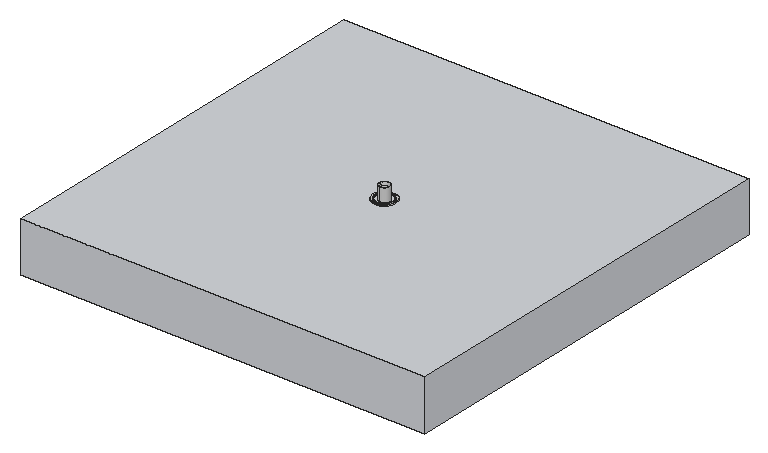
Revit family "LAMP_HANCE DOWNLIGHT SEMIRECESSED SPOT 1000_2000 (DALI)", category Modelos genéricos, Revit 2015
Parameters (values of type "710LM 4000K 1000 BLACK")
  Weight = 0.79 kg
  Aro 3000/4000 = no
  Aro 1000/2000 = yes
  Type = "COB PHILIPS"
  Tilting [instance] = if(Tilt < 0.00°, 180.00°, if(Tilt > 85.00°, 265.00°, Tilt + 180.00°))  # 180.00°
  Tilt [instance] = 0.00°
  Recessed diameter = 132 mm
  Protection rating = "IP20"
  Product datasheet = "http://www.lamp.es/product-files/TECH/HD1SR10SP840DBB-EN.pdf"
  Product code = "HD1SR10SP840DBB"
  Product URL = "https://www.lamp.es/en/family/hance-downlight_196363"
  Power Supply = "220-240V 50/60Hz"
  Power = 7 W
  Plum = 7.6 W
  Photometric web file = Cuerpo Hance BASE (tilting)_SP : 710LM 4000K 1000 BLACK
  Modelo = Product code  # "HD1SR10SP840DBB"
  Model explanation = "Availability of tilting between 0º and 85º when placed in a project."
  Material interior aro = LAMP_Aluminio Hance Negro
  Material aro = LAMP_Aluminio Hance Negro
  Manufacturer name = "LAMP"
  Manufacturer country = "Spain"
  Manufacturer URL = "http://www.lamp.es/en"
  MacAdam = "3"
  Luminaire type = "Indoor - Recessed downlight"
  Last update = "22/11/2019"
  Lamp = "COB LED"
  LED Lifetime = "50.000 L80 B10"
  Insulation class = "II"
  Installation instructions = "https://www.lamp.es/product-files/INS/1004410-B-INSTR.%20DE%20MONTAJE%20HANCE%20DOWNLIGHT.pdf"
  Initial intensity = 710 lm
  Initial color = 4000 K
  IEE = "A+"
  Gear = "Adjustable DALI"
  Finish = "Texturised white RAL 9010"
  Fabricante = Manufacturer name  # "LAMP"
  Default Elevation = 1219.2 mm
  Efficacy = 93.42 lm/W
  Radio aro exterior = 35.7 mm
  Diameter = 143 mm
  Descripción = "HANCE DOWN SEMIREC 1000 NW SP DALI BK."
  Decorative ring [instance] = Aro decorativo (tilting) : Black
  Comentarios de tipo = Model explanation  # "Availability of tilting between 0º and 85º when placed in a project."
  CRI = "80"
Types (8, lengths in mm): name | Product datasheet | Product code | Power | Plum | Photometric web file | Modelo | Material aro | Initial intensity | Initial color | IEE | Finish | Efficacy | Descripción
  710LM 4000K 1000 BLACK | "http://www.lamp.es/product-files/TECH/HD1SR10SP840DBB-EN.pdf" | "HD1SR10SP840DBB" | 7 W | 7.6 W | Cuerpo Hance BASE (tilting)_SP : 710LM 4000K 1000 BLACK | "HD1SR10SP840DBB" | LAMP_Aluminio Hance Negro | 710 lm | 4000 K | "A+" | "Texturised white RAL 9010" | 93.42 lm/W | "HANCE DOWN SEMIREC 1000 NW SP DALI BK."
  710LM 4000K 1000 WHITE | "http://www.lamp.es/product-files/TECH/HD1SR10SP840DBW-EN.pdf" | "HD1SR10SP840DBW" | 7 W | 7.6 W | Cuerpo Hance BASE (tilting)_SP : 710LM 4000K 1000 WHITE | "HD1SR10SP840DBW" | LAMP_Aluminio Hance Blanco | 710 lm | 4000 K | "A+" | "Texturised black RAL 9011" | 93.42 lm/W | "HANCE DOWN SEMIREC 1000 NW SP DALI WH."
  773LM 3000K 1000 BLACK | "http://www.lamp.es/product-files/TECH/HD1SR10SP830DBB-EN.pdf" | "HD1SR10SP830DBB" | 7 W | 7.7 W | Cuerpo Hance BASE (tilting)_SP : 773LM 3000K 1000 BLACK | "HD1SR10SP830DBB" | LAMP_Aluminio Hance Negro | 773 lm | 3000 K | "A+" | "Texturised white RAL 9010" | 100.42 lm/W | "HANCE DOWN SEMIREC 1000 WW SP DALI BK."
  773LM 3000K 1000 WHITE | "http://www.lamp.es/product-files/TECH/HD1SR10SP830DBW-EN.pdf" | "HD1SR10SP830DBW" | 7 W | 7.7 W | Cuerpo Hance BASE (tilting)_SP : 773LM 3000K 1000 WHITE | "HD1SR10SP830DBW" | LAMP_Aluminio Hance Blanco | 773 lm | 3000 K | "A+" | "Texturised black RAL 9011" | 100.42 lm/W | "HANCE DOWN SEMIREC 1000 WW SP DALI WH."
  1644LM 4000K 2000 BLACK | "http://www.lamp.es/product-files/TECH/HD1SR20SP840DBB-EN.pdf" | "HD1SR20SP840DBB" | 18 W | 20.6 W | Cuerpo Hance BASE (tilting)_SP : 1644LM 4000K 2000 BLACK | "HD1SR20SP840DBB" | LAMP_Aluminio Hance Negro | 1644 lm | 4000 K | "A+" | "Texturised black RAL 9011" | 79.81 lm/W | "HANCE DOWN SEMIREC 2000 NW SP DALI BK."
  1644LM 4000K 2000 WHITE | "http://www.lamp.es/product-files/TECH/HD1SR20SP840DBW-EN.pdf" | "HD1SR20SP840DBW" | 18 W | 20.6 W | Cuerpo Hance BASE (tilting)_SP : 1644LM 4000K 2000 WHITE | "HD1SR20SP840DBW" | LAMP_Aluminio Hance Blanco | 1644 lm | 4000 K | "A+" | "Texturised white RAL 9010" | 79.81 lm/W | "HANCE DOWN SEMIREC 2000 NW SP DALI WH."
  1707LM 3000K 2000 BLACK | "http://www.lamp.es/product-files/TECH/HD1SR20SP830DBB-EN.pdf" | "HD1SR20SP830DBB" | 18 W | 20.7 W | Cuerpo Hance BASE (tilting)_SP : 1707LM 3000K 2000 BLACK | "HD1SR20SP830DBB" | LAMP_Aluminio Hance Negro | 1707 lm | 3000 K | "A" | "Texturised black RAL 9011" | 82.46 lm/W | "HANCE DOWN SEMIREC 2000 WW SP DALI BK."
  1707LM 3000K 2000 WHITE | "http://www.lamp.es/product-files/TECH/HD1SR20SP830DBW-EN.pdf" | "HD1SR20SP830DBW" | 18 W | 20.7 W | Cuerpo Hance BASE (tilting)_SP : 1707LM 3000K 2000 WHITE | "HD1SR20SP830DBW" | LAMP_Aluminio Hance Blanco | 1707 lm | 3000 K | "A" | "Texturised white RAL 9010" | 82.46 lm/W | "HANCE DOWN SEMIREC 2000 WW SP DALI WH."
Reference planes
  plane 1 "Centro (Frontal/Posterior)": y = 0
  plane 2: z = 0
  plane 3 "Centro (Izquierda/Derecha)": x = 0
Forms (mm)
  Extrusion 1, solid
    sketch origin (0, 0, 0) x (1, 0, 0) y (0, 1, 0)
      loop
        line (-1219.2, 1219.2) -> (-1219.2, -1219.2) -> (1219.2, -1219.2) -> (1219.2, 1219.2) -> (-1219.2, 1219.2)
    from 0 to -304.8
  Revolve 2, solid, material "LAMP_Aluminio Hance Negro" <- "Material aro"
    sketch origin (0, 0, 0) x (1, 0, 0) y (0, 0, 1)
      loop
        line (68.2, 0) -> (68.2, 1) -> (53.3, 1) -> (53.3, -38.896) -> (61.3, -38.896) -> (61.3, -37.896) -> (55.8, -37.896) -> (55.8, 0) -> (68.2, 0)
      axis (0, 1) -> (0, -38.896)
    angle from 0 to 360
  Revolve 3, solid, material "LAMP_Aluminio Hance Negro" <- "Material interior aro", visible <- "Aro 1000/2000"
    sketch origin (0, 0, 0) x (1, 0, 0) y (0, 0, 1)
      loop
        arc (51.874, -0.646) -> (51.598, -1.016) -> (51.498, -1.466) r 1.1
        arc (51.498, -1.466) -> (49.354, -17.889) -> (43.277, -33.297) r 67.535
        arc (43.277, -33.297) -> (42.922, -33.665) -> (42.43, -33.8) r 0.965
        line (42.43, -33.8) -> (0, -33.8) -> (0, -34.8) -> (42.43, -34.8)
        arc (42.43, -34.8) -> (42.922, -34.665) -> (43.277, -34.297) r 0.965
        arc (43.277, -34.297) -> (49.354, -18.889) -> (51.498, -2.466) r 67.535
        arc (51.498, -2.466) -> (51.598, -2.016) -> (51.874, -1.646) r 1.1
        arc (51.874, -1.646) -> (53.912, -0.425) -> (56.25, 0) r 6.641
        line (56.25, 0) -> (56.25, 1)
        arc (56.25, 1) -> (53.912, 0.575) -> (51.874, -0.646) r 6.641
      axis (0, 1) -> (0, -34.8)
    angle from 0 to 360
  Extrusion 4, void
    sketch origin (0, 0, 0) x (1, 0, 0) y (0, 1, 0)
      loop
        line (7.1, 33.5) -> (-7.105, 33.5)
        arc (-7.105, 33.5) -> (-40.605, 0) -> (-7.105, -33.5) r 33.5
        line (-7.105, -33.5) -> (7.1, -33.5)
        arc (7.1, -33.5) -> (40.6, 0) -> (7.1, 33.5) r 33.5
    from -41.216 to -28.478
Cuts and joins
  Extrusion 4 cuts Revolve 3
Text (mm)
  text "Any modification of the parameters and properties of the LAMP BIM models must be executed and validated by the LAMP technical department.\n\nPhone: +34 93 736 68 00\n\nE-mail: lamp@lamp.es\n\n\n\nLAMP reserves the right to modify the technical specifications of its products." at (39771.841, -40794.867, 40621.237), in view "Preview"
Dimensions and locks
  aligned and locked: plane 2 to Extrusion 1
  aligned and locked: level to Extrusion 1
Nested families
  nested 1: "Cuerpo Hance BASE (tilting)_SP" at (0, 1.967, 37.05), type <- "Photometric web file", type "710LM 4000K 1000 BLACK"
    with Tilting 180.00°
  nested 2: "Aro decorativo (tilting)" at (-27.9, 0, -17.52), type <- "Decorative ring", type "Black"
    with Tilting 0.00°
Connectors
  electrical at (-16.363, 0, -25.538)
    settings: on nested 1, index 1, voltage 230 V, apparent load 0 VA, apparent load phase1 0 VA, apparent load phase2 0 VA, apparent load phase3 0 VA, power factor 1, load classification "Otro", number of poles 1, system type 31, power factor state 1, is connector primary yes, connector utility no, sub classification motor no, connector description ""
Definition of nested family "Cuerpo Hance BASE (tilting)_SP"
  Parameters (values of type "710LM 4000K 1000 BLACK")
    Tilting = 90.00°
    Photometric web file = Cuerpo Hance BASE_SP : 710LM 4000K 1000 BLACK
    Longitud cuerpo = 100 mm
    Default Elevation = 1219.2 mm
  Types (17, lengths in mm): name | Photometric web file | Longitud cuerpo
    (no name) | Cuerpo Hance BASE_SP : 710LM 4000K 1000 BLACK | 100
    710LM 4000K 1000 BLACK | Cuerpo Hance BASE_SP : 710LM 4000K 1000 BLACK | 100
    710LM 4000K 1000 WHITE | Cuerpo Hance BASE_SP : 710LM 4000K 1000 WHITE | 100
    773LM 3000K 1000 BLACK | Cuerpo Hance BASE_SP : 773LM 3000K 1000 BLACK | 100
    773LM 3000K 1000 WHITE | Cuerpo Hance BASE_SP : 773LM 3000K 1000 WHITE | 100
    1644LM 4000K 2000 BLACK | Cuerpo Hance BASE_SP : 1644LM 4000K 2000 BLACK | 100
    1644LM 4000K 2000 WHITE | Cuerpo Hance BASE_SP : 1644LM 4000K 2000 WHITE | 100
    1707LM 3000K 2000 BLACK | Cuerpo Hance BASE_SP : 1707LM 3000K 2000 BLACK | 100
    1707LM 3000K 2000 WHITE | Cuerpo Hance BASE_SP : 1707LM 3000K 2000 WHITE | 100
    2656LM 4000K 3000 BLACK | Cuerpo Hance BASE_SP : 2656LM 4000K 3000 BLACK | 145
    2656LM 4000K 3000 WHITE | Cuerpo Hance BASE_SP : 2656LM 4000K 3000 WHITE | 145
    2788LM 3000K 3000 BLACK | Cuerpo Hance BASE_SP : 2788LM 3000K 3000 BLACK | 145
    2788LM 3000K 3000 WHITE | Cuerpo Hance BASE_SP : 2788LM 3000K 3000 WHITE | 145
    3518LM 4000K 4000 BLACK | Cuerpo Hance BASE_SP : 3518LM 4000K 4000 BLACK | 145
    3518LM 4000K 4000 WHITE | Cuerpo Hance BASE_SP : 3518LM 4000K 4000 WHITE | 145
    3660LM 3000K 4000 BLACK | Cuerpo Hance BASE_SP : 3660LM 3000K 4000 BLACK | 145
    3660LM 3000K 4000 WHITE | Cuerpo Hance BASE_SP : 3660LM 3000K 4000 WHITE | 145
  Reference planes
    plane 1 "Centro (Frontal/Posterior)": y = 0
    plane 2: z = 0
    plane 3 "Centro (Izquierda/Derecha)": x = 0
  Lines and regions (mm)
    reference lines
      curve 1: line (0, 0, 0) -> (200, 0, 0)
  Dimensions and locks
    "Tilting": angle plane 3 "Centro (Izquierda/Derecha)" to curve 1
    aligned and locked: level to plane 2
    aligned and locked: plane 3 "Centro (Izquierda/Derecha)" to curve 1
    aligned and locked: plane 2 to curve 1
  Nested families
    nested 1: "Cuerpo Hance BASE_SP" at (-21.588, -1.967, 27.875), type <- "Photometric web file", type "710LM 4000K 1000 BLACK"
  Definition of nested family "Cuerpo Hance BASE_SP"
    Parameters (values of type "710LM 4000K 1000 BLACK")
      Tilt Angle = 90.00° + Tilting  # 180.00°
      Wattage = 7.6 W
      Tilting = 90.00°
      built-in parameter 1150107 = 4000 (stored number, unit not read)
      Radio vacio posterior = Radio cuerpo - 2.2 mm  # 30.3 mm
      Radio vaciado = Radio cuerpo - 1.5 mm  # 31 mm
      Radio cuerpo = if(Longitud cuerpo = 145 mm, 45 mm, 32.5 mm)  # 32.5 mm
      built-in parameter 1150110 = 1 (stored number, unit not read)
      built-in parameter 1150109 = 1 (stored number, unit not read)
      built-in parameter 1150112 = 1 (stored number, unit not read)
      built-in parameter 1150113 = 1 (stored number, unit not read)
      built-in parameter 1114218 = 1 (stored number, unit not read)
      built-in parameter 1150137 = (empty or 0)
      built-in parameter 1150132 = 2
      Material reflector = none
      Material cuerpo = none
      Material COB = none
      Longitud cuerpo = 100 mm
      Long. origen luz = if(Longitud cuerpo = 100 mm, 20 mm, if(Longitud cuerpo = 170 mm, 55 mm, 90 mm))  # 20 mm
      L_3 = if(Ancho disipador posterior = 80.4 mm, 39.6 mm, 12 mm)  # 12 mm
      L_2 = if(Ancho disipador posterior = 80.4 mm, 36.3 mm, 22.6 mm)  # 22.6 mm
      L_1 = if(Ancho disipador posterior = 80.4 mm, 36.8 mm, 25.4 mm)  # 25.4 mm
      built-in parameter 1150105 = 56.487 (stored number, unit not read)
      built-in parameter 1150102 = (empty or 0)
      built-in parameter 1150106 = 0.56487 (stored number, unit not read)
      Lumens = 709.84 lm
      Color Filter = 16777215
      built-in parameter 1114217 = 1 (stored number, unit not read)
      built-in parameter 1150139 = (empty or 0)
      Default Elevation = 1219.2 mm
      built-in parameter 1150104 = 8.6771 (stored number, unit not read)
      Diametro aro = if(Radio cuerpo = 45 mm, 42.9 mm, 30.4 mm)  # 30.4 mm
      built-in parameter 1150115 = 1 (stored number, unit not read)
      built-in parameter 1150114 = 1 (stored number, unit not read)
      built-in parameter 1150138 = (empty or 0)
      built-in parameter 1150134 = 12
      Dimming Lamp Color Temperature Shift = (empty or 0)
      Photometric Web File = "HD1RE10SP840NBB.IES"
      Ancho vaciado reflector = if(Radio cuerpo = 45 mm, 34.4 mm, 21.9 mm)  # 21.9 mm
      Ancho reflector = if(Radio cuerpo = 45 mm, 35.4 mm, 22.9 mm)  # 22.9 mm
      Ancho disipador posterior = if(Radio cuerpo = 32.5 mm, 53 mm, 80.4 mm)  # 53 mm
      built-in parameter 1150133 = 10 (stored number, unit not read)
      Altura disipador superior = if(Radio cuerpo = 45 mm, 23.9 mm, 36.9 mm)  # 36.9 mm
      Ancho disipador superior = if(Radio cuerpo = 45 mm, 28 mm, 22.6 mm)  # 22.6 mm
    Types (16, lengths in mm): name | Wattage | built-in parameter 1150107 | Radio vacio posterior | Radio vaciado | Radio cuerpo | Longitud cuerpo | Long. origen luz | L_3 | L_2 | L_1 | built-in parameter 1150105 | built-in parameter 1150106 | Lumens | built-in parameter 1150104 | Diametro aro | built-in parameter 1150134 | Photometric Web File | Ancho vaciado reflector | Ancho reflector | Ancho disipador posterior | Altura disipador superior | Ancho disipador superior
      710LM 4000K 1000 BLACK | 7.6 W | 4000 (stored number, unit not read) | 30.3 | 31 | 32.5 | 100 | 20 | 12 | 22.6 | 25.4 | 56.487 (stored number, unit not read) | 0.56487 (stored number, unit not read) | 709.84 lm | 8.6771 (stored number, unit not read) | 30.4 | 12 | "HD1RE10SP840NBB.IES" | 21.9 | 22.9 | 53 | 36.9 | 22.6
      710LM 4000K 1000 WHITE | 7.6 W | 4000 (stored number, unit not read) | 30.3 | 31 | 32.5 | 100 | 20 | 12 | 22.6 | 25.4 | 4052.9 (stored number, unit not read) | 40.529 (stored number, unit not read) | 709.84 lm | 8.6771 (stored number, unit not read) | 30.4 | 12 | "HD1RE10SP840NBW.IES" | 21.9 | 22.9 | 53 | 36.9 | 22.6
      773LM 3000K 1000 BLACK | 7.7 W | 3000 (stored number, unit not read) | 30.3 | 31 | 32.5 | 100 | 20 | 12 | 22.6 | 25.4 | 4414.8 (stored number, unit not read) | 44.148 (stored number, unit not read) | 773.234 lm | 9.3293 (stored number, unit not read) | 30.4 | (empty or 0) | "HD1RE10SP830NBB.IES" | 21.9 | 22.9 | 53 | 36.9 | 22.6
      773LM 3000K 1000 WHITE | 7.7 W | 3000 (stored number, unit not read) | 30.3 | 31 | 32.5 | 100 | 20 | 12 | 22.6 | 25.4 | 4414.8 (stored number, unit not read) | 44.148 (stored number, unit not read) | 773.234 lm | 9.3293 (stored number, unit not read) | 30.4 | (empty or 0) | "HD1RE10SP830NBW.IES" | 21.9 | 22.9 | 53 | 36.9 | 22.6
      1644LM 4000K 2000 BLACK | 20.6 W | 4000 (stored number, unit not read) | 30.3 | 31 | 32.5 | 100 | 20 | 12 | 22.6 | 25.4 | 9386.9 (stored number, unit not read) | 93.869 (stored number, unit not read) | 1644.09 lm | 7.4146 (stored number, unit not read) | 30.4 | 12 | "HD1RE20SP840NBB.IES" | 21.9 | 22.9 | 53 | 36.9 | 22.6
      1644LM 4000K 2000 WHITE | 20.6 W | 4000 (stored number, unit not read) | 30.3 | 31 | 32.5 | 100 | 20 | 12 | 22.6 | 25.4 | 9386.9 (stored number, unit not read) | 93.869 (stored number, unit not read) | 1644.09 lm | 7.4146 (stored number, unit not read) | 30.4 | 12 | "HD1RE20SP840NBW.IES" | 21.9 | 22.9 | 53 | 36.9 | 22.6
      1707LM 3000K 2000 BLACK | 20.7 W | 3000 (stored number, unit not read) | 30.3 | 31 | 32.5 | 100 | 20 | 12 | 22.6 | 25.4 | 9500.4 (stored number, unit not read) | 95.004 (stored number, unit not read) | 1706.92 lm | 7.6608 (stored number, unit not read) | 30.4 | (empty or 0) | "HD1RE20SP830NBB.IES" | 21.9 | 22.9 | 53 | 36.9 | 22.6
      1707LM 3000K 2000 WHITE | 20.7 W | 3000 (stored number, unit not read) | 30.3 | 31 | 32.5 | 100 | 20 | 12 | 22.6 | 25.4 | 9500.4 (stored number, unit not read) | 95.004 (stored number, unit not read) | 1706.92 lm | 7.6608 (stored number, unit not read) | 30.4 | (empty or 0) | "HD1RE20SP830NBW.IES" | 21.9 | 22.9 | 53 | 36.9 | 22.6
      2656LM 4000K 3000 BLACK | 27.8 W | 4000 (stored number, unit not read) | 42.8 | 43.5 | 45 | 145 | 90 | 39.6 | 36.3 | 36.8 | 21509.2 (stored number, unit not read) | 215.09 (stored number, unit not read) | 2656.01 lm | 8.876 (stored number, unit not read) | 42.9 | 12 | "HD1RE30SP840NBB.IES" | 34.4 | 35.4 | 80.4 | 23.9 | 28
      2656LM 4000K 3000 WHITE | 27.8 W | 4000 (stored number, unit not read) | 42.8 | 43.5 | 45 | 145 | 90 | 39.6 | 36.3 | 36.8 | 21509.2 (stored number, unit not read) | 215.09 (stored number, unit not read) | 2656.01 lm | 8.876 (stored number, unit not read) | 42.9 | 12 | "HD1RE30SP840NBW.IES" | 34.4 | 35.4 | 80.4 | 23.9 | 28
      2788LM 3000K 3000 BLACK | 28.2 W | 3000 (stored number, unit not read) | 42.8 | 43.5 | 45 | 145 | 90 | 39.6 | 36.3 | 36.8 | 22576.9 (stored number, unit not read) | 225.77 (stored number, unit not read) | 2787.85 lm | 9.1844 (stored number, unit not read) | 42.9 | (empty or 0) | "HD1RE30SP830NBB.IES" | 34.4 | 35.4 | 80.4 | 23.9 | 28
      2788LM 3000K 3000 WHITE | 28.2 W | 3000 (stored number, unit not read) | 42.8 | 43.5 | 45 | 145 | 90 | 39.6 | 36.3 | 36.8 | 22576.9 (stored number, unit not read) | 225.77 (stored number, unit not read) | 2787.85 lm | 9.1844 (stored number, unit not read) | 42.9 | (empty or 0) | "HD1RE30SP830NBW.IES" | 34.4 | 35.4 | 80.4 | 23.9 | 28
      3518LM 4000K 4000 BLACK | 37.6 W | 4000 (stored number, unit not read) | 42.8 | 43.5 | 45 | 145 | 90 | 39.6 | 36.3 | 36.8 | 28485.6 (stored number, unit not read) | 284.86 (stored number, unit not read) | 3517.48 lm | 8.6911 (stored number, unit not read) | 42.9 | 12 | "HD1RE40SP830NBB.IES" | 34.4 | 35.4 | 80.4 | 23.9 | 28
      3518LM 4000K 4000 WHITE | 37.6 W | 4000 (stored number, unit not read) | 42.8 | 43.5 | 45 | 145 | 90 | 39.6 | 36.3 | 36.8 | 28485.6 (stored number, unit not read) | 284.86 (stored number, unit not read) | 3517.48 lm | 8.6911 (stored number, unit not read) | 42.9 | 12 | "HD1RE40SP830NBW.IES" | 34.4 | 35.4 | 80.4 | 23.9 | 28
      3660LM 3000K 4000 BLACK | 37.6 W | 3000 (stored number, unit not read) | 42.8 | 43.5 | 45 | 145 | 90 | 39.6 | 36.3 | 36.8 | 24069.5 (stored number, unit not read) | 240.7 (stored number, unit not read) | 3659.98 lm | 9.0432 (stored number, unit not read) | 42.9 | (empty or 0) | "HD1RE40SP840NBB.IES" | 34.4 | 35.4 | 80.4 | 23.9 | 28
      3660LM 3000K 4000 WHITE | 37.6 W | 3000 (stored number, unit not read) | 42.8 | 43.5 | 45 | 145 | 90 | 39.6 | 36.3 | 36.8 | 24069.5 (stored number, unit not read) | 240.7 (stored number, unit not read) | 3659.98 lm | 9.0432 (stored number, unit not read) | 42.9 | (empty or 0) | "HD1RE40SP840NBW.IES" | 34.4 | 35.4 | 80.4 | 23.9 | 28
    Reference planes
      plane 1 "Centro (Frontal/Posterior)": y = 0
      plane 2: z = 0
      plane 3 "Centro (Izquierda/Derecha)": x = 0
    Forms (mm)
      Extrusion 1, solid, material <- "Material cuerpo"
        sketch origin (0, 0, 0) x (0, -1, 0) y (0, 0, 1)
          loop
            circle (0, -27.875) r 32.5
        from -58 to 42
      Extrusion 2, void
        sketch origin (0, 0, 0) x (0, 1, 0) y (0, 0, 1)
          loop
            line (11.3, 30) -> (-11.3, 30) -> (-11.3, -6.9)
            arc (-11.3, -6.9) -> (0, -7.855) -> (11.3, -6.9) r 67.349
            line (11.3, -6.9) -> (11.3, 30)
        from -42 to 9.4
      Extrusion 3, void
        sketch origin (0, 0, 0) x (0, 1, 0) y (0, 0, 1)
          loop
            circle (0, -27.875) r 30.3
        from -42 to -41
      Extrusion 4, void
        sketch origin (0, 0, 0) x (0, 1, 0) y (0, 0, 1)
          loop
            line (26.5, -26.291) -> (-26.5, -26.291)
            arc (-26.5, -26.291) -> (-27.7, -27.491) -> (-26.5, -28.691) r 1.2
            line (-26.5, -28.691) -> (26.5, -28.691)
            arc (26.5, -28.691) -> (27.7, -27.491) -> (26.5, -26.291) r 1.2
          loop
            line (26.115, -30.891) -> (-26.115, -30.891)
            arc (-26.115, -30.891) -> (-27.315, -32.091) -> (-26.115, -33.291) r 1.2
            line (-26.115, -33.291) -> (26.115, -33.291)
            arc (26.115, -33.291) -> (27.315, -32.091) -> (26.115, -30.891) r 1.2
          loop
            line (25.4, -35.55) -> (-24.915, -35.55)
            arc (-24.915, -35.55) -> (-26.115, -36.75) -> (-24.915, -37.95) r 1.2
            line (-24.915, -37.95) -> (25.4, -37.95)
            arc (25.4, -37.95) -> (26.6, -36.75) -> (25.4, -35.55) r 1.2
          loop
            line (22.6, -40.091) -> (-22.64, -40.091)
            arc (-22.64, -40.091) -> (-23.84, -41.291) -> (-22.64, -42.491) r 1.2
            line (-22.64, -42.491) -> (22.6, -42.491)
            arc (22.6, -42.491) -> (23.8, -41.291) -> (22.6, -40.091) r 1.2
          loop
            line (19.043, -44.691) -> (-19.086, -44.691)
            arc (-19.086, -44.691) -> (-20.286, -45.891) -> (-19.086, -47.091) r 1.2
            line (-19.086, -47.091) -> (19.043, -47.091)
            arc (19.043, -47.091) -> (20.243, -45.891) -> (19.043, -44.691) r 1.2
          loop
            line (15.357, -49.291) -> (-15.5, -49.291)
            arc (-15.5, -49.291) -> (-16.6, -50.391) -> (-15.5, -51.491) r 1.1
            line (-15.5, -51.491) -> (15.357, -51.491)
            arc (15.357, -51.491) -> (16.457, -50.391) -> (15.357, -49.291) r 1.1
          loop
            line (6, -53.691) -> (-6, -53.691)
            arc (-6, -53.691) -> (-7.1, -54.791) -> (-6, -55.891) r 1.1
            line (-6, -55.891) -> (6, -55.891)
            arc (6, -55.891) -> (7.1, -54.791) -> (6, -53.691) r 1.1
        from -42 to -38.7
      Extrusion 5, void
        sketch origin (0, 0, 0) x (-1, 0, 0) y (0, -1, 0)
          loop
            line (37.7, -9.12) -> (37.7, 9.12)
            arc (37.7, 9.12) -> (36.6, 10.22) -> (35.5, 9.12) r 1.1
            line (35.5, 9.12) -> (35.5, -9.12)
            arc (35.5, -9.12) -> (36.6, -10.22) -> (37.7, -9.12) r 1.1
          loop
            line (28.9, -9.12) -> (28.9, 9.12)
            arc (28.9, 9.12) -> (27.8, 10.22) -> (26.7, 9.12) r 1.1
            line (26.7, 9.12) -> (26.7, -9.12)
            arc (26.7, -9.12) -> (27.8, -10.22) -> (28.9, -9.12) r 1.1
          loop
            line (20.1, -9.12) -> (20.1, 9.12)
            arc (20.1, 9.12) -> (19, 10.22) -> (17.9, 9.12) r 1.1
            line (17.9, 9.12) -> (17.9, -9.12)
            arc (17.9, -9.12) -> (19, -10.22) -> (20.1, -9.12) r 1.1
        from -51.491 to 30
      Extrusion 6, void
        sketch origin (0, 0, 0) x (-1, 0, 0) y (0, -1, 0)
          loop
            line (33.3, -9.12) -> (33.3, 9.12)
            arc (33.3, 9.12) -> (32.2, 10.22) -> (31.1, 9.12) r 1.1
            line (31.1, 9.12) -> (31.1, -9.12)
            arc (31.1, -9.12) -> (32.2, -10.22) -> (33.3, -9.12) r 1.1
          loop
            line (24.5, -9.12) -> (24.5, 9.12)
            arc (24.5, 9.12) -> (23.4, 10.22) -> (22.3, 9.12) r 1.1
            line (22.3, 9.12) -> (22.3, -9.12)
            arc (22.3, -9.12) -> (23.4, -10.22) -> (24.5, -9.12) r 1.1
        from -8.232 to 30
      Extrusion 7, void
        sketch origin (0, 0, 0) x (0, 1, 0) y (0, 0, 1)
          loop
            circle (0, -27.875) r 31
        from 17.213 to 58
      Revolve 8, solid, material <- "Material reflector"
        sketch origin (0, 0, 0) x (1, 0, 0) y (0, 0, 1)
          loop
            line (25.5, -27.875) -> (45.818, -27.875) -> (45.818, -4.975) -> (25.5, -19.875) -> (25.5, -27.875)
          axis (25.5, -27.875) -> (45.818, -27.875)
        angle from 0 to 360
      Revolve 9, void
        sketch origin (0, 0, 0) x (1, 0, 0) y (0, 0, 1)
          loop
            line (45.818, -5.975) -> (26.5, -20.142) -> (25.5, -20.142) -> (25.5, -27.875) -> (26.5, -27.875) -> (45.818, -27.875) -> (45.818, -5.975)
          axis (45.818, -27.875) -> (25.5, -27.875)
        angle from 0 to 360
      Extrusion 10, solid, material <- "Material COB"
        sketch origin (0, 0, 0) x (0, -1, 0) y (0, 0, 1)
          loop
            circle (0, -27.875) r 7.733
        from -26.5 to -25.5
    Cuts and joins
      Extrusion 2, Extrusion 3, Extrusion 4, Extrusion 5, Extrusion 6, Extrusion 7 cuts Extrusion 1
      Revolve 9 cuts Revolve 8
    Lines and regions (mm)
      reference lines
        curve 1: line (0, 0, 0) -> (178.042, 0, 0)
        curve 2: line (93, 0, -27.875) -> (113, 0, -27.875)
        curve 3: line (0, 0, 0) -> (0, 0, -75)
        curve 4: line (93, 0, -22.875) -> (93, 0, -32.875)
    Text (mm)
      text "Any modification of the parameters and properties of the LAMP BIM models must be executed and validated by the LAMP technical department.\n\nPhone: +34 93 736 68 00\n\nE-mail: lamp@lamp.es\n\n\n\nLAMP reserves the right to modify the technical specifications of its products." at (97482.136, -81600.41, 57308.082), in view "Preview"
    Dimensions and locks
      locked: Revolve 9 sketch curve to cut or joined group of Extrusion 1, Extrusion 2, Extrusion 3, Extrusion 4, Extrusion 5, Extrusion 6, Extrusion 7 at 12.182
      "Longitud cuerpo": cut or joined group of Extrusion 1, Extrusion 2, Extrusion 3, Extrusion 4, Extrusion 5, Extrusion 6, Extrusion 7 to cut or joined group of Extrusion 1, Extrusion 2, Extrusion 3, Extrusion 4, Extrusion 5, Extrusion 6, Extrusion 7
      locked: cut or joined group of Extrusion 1, Extrusion 2, Extrusion 3, Extrusion 4, Extrusion 5, Extrusion 6, Extrusion 7 to curve 3 at 42
      locked: cut or joined group of Revolve 8, Revolve 9 to cut or joined group of Extrusion 1, Extrusion 2, Extrusion 3, Extrusion 4, Extrusion 5, Extrusion 6, Extrusion 7 at 12.182
      locked: cut or joined group of Revolve 8, Revolve 9 to cut or joined group of Revolve 8, Revolve 9 at 20.318
      locked: cut or joined group of Extrusion 1, Extrusion 2, Extrusion 3, Extrusion 4, Extrusion 5, Extrusion 6, Extrusion 7 to Extrusion 10 at 31.5
      locked: Extrusion 10 to Extrusion 10 at 1
      "Long. origen luz": curve 4 to curve 2
      equal spacing: Extrusion 4 sketch curve, plane 1 "Centro (Frontal/Posterior)", Extrusion 4 sketch curve  (x2)
      "Ancho disipador posterior": Extrusion 4 sketch curve to Extrusion 4 sketch curve
      "L_1": Extrusion 4 sketch curve to plane 1 "Centro (Frontal/Posterior)"
      "L_2": Extrusion 4 sketch curve to curve 3
      "L_3": Extrusion 4 sketch curve to Extrusion 4 sketch curve
      equal spacing: Extrusion 2 sketch curve, plane 1 "Centro (Frontal/Posterior)", Extrusion 2 sketch curve
      "Ancho disipador superior": Extrusion 2 sketch curve to Extrusion 2 sketch curve
      "Altura disipador superior": Extrusion 2 sketch curve to Extrusion 2 sketch curve
      locked: plane 2 to Extrusion 2 sketch curve at 30
      "Ancho reflector": Revolve 8 sketch curve to imposter light
      "Ancho vaciado reflector": Revolve 9 sketch curve to imposter light
      "Radio cuerpo": radius of Extrusion 1 sketch curve
      "Radio vaciado": radius of Extrusion 7 sketch curve
      "Radio vacio posterior": radius of Extrusion 3 sketch curve
      "Tilting": angle plane 3 "Centro (Izquierda/Derecha)" to curve 1
      aligned and locked: level to plane 2
      aligned and locked: imposter light to curve 2  (x2)
      aligned and locked: cut or joined group of Extrusion 1, Extrusion 2, Extrusion 3, Extrusion 4, Extrusion 5, Extrusion 6, Extrusion 7 to cut or joined group of Extrusion 1, Extrusion 2, Extrusion 3, Extrusion 4, Extrusion 5, Extrusion 6, Extrusion 7
    Automatic sketch dimensions
      curve 1 to Extrusion 5 sketch curve = 17.9 mm
      Extrusion 5 sketch curve to Extrusion 5 sketch curve = 1.1 mm  (x3)
      Extrusion 5 sketch curve to Extrusion 5 sketch curve = 6.6 mm  (x2)
      Extrusion 5 sketch curve to curve 1 = 9.12 mm  (x2)
      Extrusion 5 sketch curve to Extrusion 5 sketch curve = 0 mm  (x3)
      curve 1 to Extrusion 5 sketch curve = 9.12 mm
      curve 1 to Extrusion 6 sketch curve = 22.3 mm
      Extrusion 6 sketch curve to Extrusion 6 sketch curve = 1.1 mm  (x2)
      Extrusion 6 sketch curve to Extrusion 6 sketch curve = 6.6 mm
      Extrusion 6 sketch curve to curve 1 = 9.12 mm
      Extrusion 6 sketch curve to Extrusion 6 sketch curve = 0 mm  (x2)
      curve 1 to Extrusion 6 sketch curve = 9.12 mm
      Extrusion 10 sketch curve to plane 1 "Centro (Frontal/Posterior)" = 0 mm
      Extrusion 1 sketch curve to plane 1 "Centro (Frontal/Posterior)" = 0 mm
      Extrusion 1 sketch curve to level = 27.875 mm
      Extrusion 2 sketch curve to plane 1 "Centro (Frontal/Posterior)" = 0 mm
      Extrusion 2 sketch curve to Extrusion 2 sketch curve = 29.494 mm
      Extrusion 3 sketch curve to plane 1 "Centro (Frontal/Posterior)" = 0 mm
      Extrusion 3 sketch curve to level = 27.875 mm
      Extrusion 4 sketch curve to Extrusion 4 sketch curve = 0.385 mm  (x2)
      Extrusion 4 sketch curve to Extrusion 4 sketch curve = 1.2 mm  (x6)
      Extrusion 4 sketch curve to Extrusion 4 sketch curve = 2.276 mm
      Extrusion 4 sketch curve to Extrusion 4 sketch curve = 3.554 mm
      Extrusion 4 sketch curve to Extrusion 4 sketch curve = 3.586 mm
      Extrusion 4 sketch curve to Extrusion 4 sketch curve = 9.357 mm
      Extrusion 4 sketch curve to Extrusion 4 sketch curve = 3.557 mm
      Extrusion 4 sketch curve to level = 55.891 mm
      Extrusion 4 sketch curve to Extrusion 4 sketch curve = 1.1 mm  (x2)
      Extrusion 4 sketch curve to Extrusion 4 sketch curve = 2.2 mm  (x4)
      Extrusion 4 sketch curve to Extrusion 4 sketch curve = 2.141 mm
      Extrusion 4 sketch curve to Extrusion 4 sketch curve = 2.259 mm
      Extrusion 7 sketch curve to plane 1 "Centro (Frontal/Posterior)" = 0 mm
      Extrusion 7 sketch curve to level = 27.875 mm
      curve 1 to Revolve 8 sketch curve = 25.5 mm
      Revolve 8 sketch curve to Revolve 8 sketch curve = 20.318 mm
      curve 1 to Revolve 8 sketch curve = 19.875 mm
      Revolve 8 sketch curve to Revolve 8 sketch curve = 8 mm
      Revolve 8 sketch curve to Revolve 8 sketch curve = 0 mm  (x2)
      Revolve 8 sketch curve to Revolve 8 sketch curve = 9.682 mm
      Revolve 9 sketch curve to Revolve 9 sketch curve = 19.318 mm
      Revolve 9 sketch curve to Revolve 9 sketch curve = 0 mm  (x3)
      Revolve 9 sketch curve to Revolve 9 sketch curve = 1 mm
      curve 1 to Revolve 9 sketch curve = 20.142 mm
      Revolve 9 sketch curve to Revolve 9 sketch curve = 7.733 mm
      Revolve 9 sketch curve to Revolve 9 sketch curve = 9.682 mm
      curve 1 to level = 0 mm
      curve 1 to plane 3 "Centro (Izquierda/Derecha)" = 0 mm
      curve 3 to curve 1 = 0 mm  (x2)
      curve 3 to curve 1 = 75 mm
      curve 1 to curve 4 = 32.875 mm
      curve 4 to curve 1 = 85.042 mm
      curve 4 to curve 2 = 5 mm
      curve 2 to curve 4 = 5 mm
      radius of Extrusion 10 sketch curve = 7.733 mm
Definition of nested family "Aro decorativo (tilting)"
  Parameters (values of type "Copper")
    Weight (3000/4000) = 0.016 kg
    Weight (1000/2000) = 0.01 kg
    Tilting = 90.00°
    Product datasheet = ""
    Product code (3000/4000) = "HSRI90C"
    Product code (1000/2000) = "HSRI65C"
    Product URL = ""
    Model = ""
    Material aro = none
    Manufacturer name = "LAMP"
    Manufacturer country = "Spain"
    Manufacturer URL = "http://www.lamp.es/en"
    Longitud = 63.6 mm
    Last update = "21/05/2018"
    Installation instructions = ""
    Finish = "Metalized matt copper"
    Manufacturer = Manufacturer name  # "LAMP"
    Default Elevation = 1219.2 mm
    Diameter (3000/4000) = 90 mm
    Diameter (1000/2000) = 65 mm
    Description = ""
    Accessory Type = "Optic"
    3000/4000 Model = "HSRI90C"
    3000/4000 Description = "HANCE 3000/4000 ACC. RING DECO CO."
    1000/2000 Model = "HSRI65C"
    1000/2000 Description = "HANCE 1000/2000 ACC. RING DECO CO."
  Types (5, lengths in mm): name | Product code (3000/4000) | Product code (1000/2000) | Finish | 3000/4000 Model | 3000/4000 Description | 1000/2000 Model | 1000/2000 Description
    (no name) | "HSRI90C" | "HSRI65C" | "Metalized matt copper" | "HSRI90C" | "HANCE 3000/4000 ACC. RING DECO CO." | "HSRI65C" | "HANCE 1000/2000 ACC. RING DECO CO."
    Black | "HSRI90B" | "HSRI65B" | "Matt black" | "HSRI90B" | "HANCE 3000/4000 ACC. RING DECO BK." | "HSRI65B" | "HANCE 1000/2000 ACC. RING DECO BK."
    Copper | "HSRI90C" | "HSRI65C" | "Metalized matt copper" | "HSRI90C" | "HANCE 3000/4000 ACC. RING DECO CO." | "HSRI65C" | "HANCE 1000/2000 ACC. RING DECO CO."
    Grey | "HSRI90M" | "HSRI65M" | "Metalized matt silver" | "HSRI90M" | "HANCE 3000/4000 ACC. RING DECO MET." | "HSRI65M" | "HANCE 1000/2000 ACC. RING DECO MET."
    White | "HSRI90W" | "HSRI65W" | "Matt White" | "HSRI90W" | "HANCE 3000/4000 ACC. RING DECO WH." | "HSRI65W" | "HANCE 1000/2000 ACC. RING DECO WH."
  Reference planes
    plane 1 "Centro (Frontal/Posterior)": y = 0
    plane 2: z = 0
    plane 3 "Centro (Izquierda/Derecha)": x = 0
  Lines and regions (mm)
    reference lines
      curve 1: line (0, 0, 0) -> (0, 0, -27.9)
      curve 2: line (0, 0, -27.9) -> (80.8, 0, -27.9)
  Text (mm)
    text "Any modification of the parameters and properties of the LAMP BIM models must be executed and validated by the LAMP technical department.\n\nPhone: +34 93 736 68 00\n\nE-mail: lamp@lamp.es\n\n\n\nLAMP reserves the right to modify the technical specifications of its products." at (86527.204, -96597.187, 50741.736), in view "Preview"
  Dimensions and locks
    "Tilting": angle curve 1 to plane 2
    aligned and locked: level to plane 2
    aligned and locked: plane 3 "Centro (Izquierda/Derecha)" to curve 1
    aligned and locked: plane 2 to curve 1
  Automatic sketch dimensions
    curve 2 to curve 1 = 0 mm
    curve 1 to curve 2 = 0 mm
    curve 1 to curve 2 = 80.8 mm
  Nested families
    nested 1: "Aro decorativo" at (17.2, 0, 0), type "Copper"
  Definition of nested family "Aro decorativo"
    Parameters (values of type "Copper")
      Weight (3000/4000) = 0.016 kg
      Weight (1000/2000) = 0.01 kg
      Product datasheet = ""
      Product code (3000/4000) = "HSRI90C"
      Product code (1000/2000) = "HSRI65C"
      Product URL = ""
      Model = ""
      Material aro = none
      Manufacturer name = "LAMP"
      Manufacturer country = "Spain"
      Manufacturer URL = "http://www.lamp.es/en"
      Longitud = 63.6 mm
      Last update = "21/05/2018"
      Installation instructions = ""
      Finish = "Metalized matt copper"
      Manufacturer = Manufacturer name  # "LAMP"
      Default Elevation = 1219.2 mm
      Diametro vaciado aro interior = if(Diametro aro interior = 35.4 mm, 34.4 mm, 21.9 mm)  # 21.9 mm
      Diametro vaciado aro exterior = if(Diametro aro exterior = 42.9 mm, 41.9 mm, 29.4 mm)  # 29.4 mm
      Diametro aro interior = if(Diametro aro exterior = 42.9 mm, 35.4 mm, 22.9 mm)  # 22.9 mm
      Diametro aro exterior = if(Longitud = 138.6 mm, 42.9 mm, 30.4 mm)  # 30.4 mm
      Diameter (3000/4000) = 90 mm
      Diameter (1000/2000) = 65 mm
      Description = ""
      Accessory Type = "Optic"
      3000/4000 Model = "HSRI90C"
      3000/4000 Description = "HANCE 3000/4000 ACC. RING DECO CO."
      1000/2000 Description = "HANCE 1000/2000 ACC. RING DECO CO."
      1000/2000 Model = "HSRI65C"
    Types (5, lengths in mm): name | Product code (3000/4000) | Product code (1000/2000) | Finish | 3000/4000 Model | 3000/4000 Description | 1000/2000 Description | 1000/2000 Model
      (no name) | "HSRI90C" | "HSRI65C" | "Metalized matt copper" | "HSRI90C" | "HANCE 3000/4000 ACC. RING DECO CO." | "HANCE 1000/2000 ACC. RING DECO CO." | "HSRI65C"
      Black | "HSRI90B" | "HSRI65B" | "Matt black" | "HSRI90B" | "HANCE 3000/4000 ACC. RING DECO BK." | "HANCE 1000/2000 ACC. RING DECO BK." | "HSRI65B"
      Copper | "HSRI90C" | "HSRI65C" | "Metalized matt copper" | "HSRI90C" | "HANCE 3000/4000 ACC. RING DECO CO." | "HANCE 1000/2000 ACC. RING DECO CO." | "HSRI65C"
      Grey | "HSRI90M" | "HSRI65M" | "Metalized matt silver" | "HSRI90M" | "HANCE 3000/4000 ACC. RING DECO MET." | "HANCE 1000/2000 ACC. RING DECO MET." | "HSRI65M"
      White | "HSRI90W" | "HSRI65W" | "Matt white" | "HSRI90W" | "HANCE 3000/4000 ACC. RING DECO WH." | "HANCE 1000/2000 ACC. RING DECO WH." | "HSRI65W"
    Reference planes
      plane 1 "Centro (Frontal/Posterior)": y = 0
      plane 2: z = 0
      plane 3 "Centro (Izquierda/Derecha)": x = 0
    Forms (mm)
      Revolve 1, solid, material <- "Material aro"
        sketch origin (0, 0, -27.9) x (1, 0, 0) y (0, 0, 1)
          loop
            line (63.6, 0) -> (73.782, 0) -> (73.782, 30.4) -> (63.6, 22.9) -> (63.6, 0)
          axis (73.782, 0) -> (63.6, 0)
        angle from 0 to 360
      Revolve 2, void
        sketch origin (0, 0, -27.9) x (1, 0, 0) y (0, 0, 1)
          loop
            line (73.782, 29.4) -> (63.6, 21.9) -> (63.6, 0) -> (73.782, 0) -> (73.782, 29.4)
          axis (63.6, 0) -> (73.782, 0)
        angle from 0 to 360
    Cuts and joins
      Revolve 2 cuts Revolve 1
    Lines and regions (mm)
      reference lines
        curve 1: line (0, 0, -27.9) -> (63.6, 0, -27.9)
    Text (mm)
      text "Any modification of the parameters and properties of the LAMP BIM models must be executed and validated by the LAMP technical department.\n\nPhone: +34 93 736 68 00\n\nE-mail: lamp@lamp.es\n\n\n\nLAMP reserves the right to modify the technical specifications of its products." at (91886.357, -93022.329, 47898.266), in view "Preview"
    Dimensions and locks
      "Diametro aro exterior": Revolve 1 sketch curve to Revolve 1 sketch curve
      "Diametro vaciado aro exterior": Revolve 2 sketch curve to Revolve 2 sketch curve
      "Longitud": curve 1 to plane 3 "Centro (Izquierda/Derecha)"
      "Diametro aro interior": Revolve 1 sketch curve to Revolve 1 sketch curve
      "Diametro vaciado aro interior": Revolve 2 sketch curve to Revolve 2 sketch curve
      aligned and locked: level to plane 2
    Automatic sketch dimensions
      Revolve 1 sketch curve to curve 1 = 0 mm  (x4)
      curve 1 to Revolve 1 sketch curve = 10.182 mm
      Revolve 1 sketch curve to Revolve 1 sketch curve = 0 mm
      Revolve 2 sketch curve to curve 1 = 0 mm  (x3)
      curve 1 to Revolve 2 sketch curve = 10.182 mm
      Revolve 2 sketch curve to curve 1 = 1261.008 mm
      Revolve 2 sketch curve to Revolve 2 sketch curve = 1898.983 mm
      curve 1 to plane 3 "Centro (Izquierda/Derecha)" = 0 mm
      curve 1 to level = 27.9 mm
